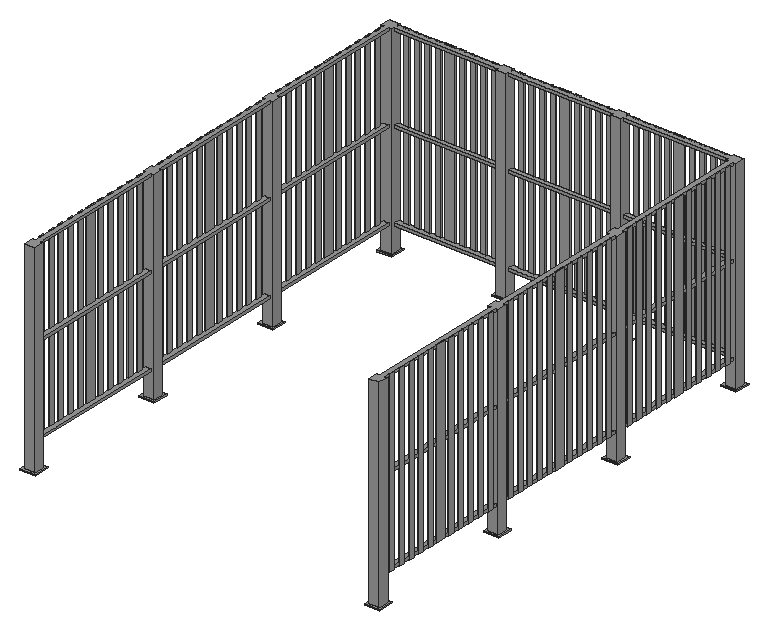
Revit family "15113 Ограждение для ТБО Хоббика", category Антураж, Revit 2018
Family settings
  На основе рабочей плоскости = Нет
  Всегда вертикально = Да
  При загрузке вырезать с полостями = Нет
  Источник визуального образа = Геометрия семейства
  Общий = Нет
  Точка расчета площади = Нет
Parameters (values of type "Ограждение для ТБО")
  Ширина = 3500 mm  # constant formula
  Цвет каркаса = Сталь
  Описание = "Ограждение для ТБО"  # constant formula
  Материал изделия = "Сталь"  # constant formula
  Изображение типоразмера = Ограждение для ТБО Арт 15113.jpg
  Изготовитель = "ООО «Хоббика»"  # constant formula
  Длина = 4500 mm  # constant formula
  Группа модели = "Контейнерные площадки для ТБО"  # constant formula
  Высота = 2000 mm  # constant formula
  Артикул товара = "Арт. 15113"  # constant formula
  URL = "https://hobbyka.ru/product/ograzhdenie_dlya_tbo"
Reference planes
  plane 1 "По центру (Вперед/Назад)": y = 0
  plane 2: z = 0
  plane 3 "По центру (Влево/Вправо)": x = 0
  plane 4: x = 3500
  plane 5: y = 4500
  plane 6: z = 2000
Forms (mm)
  Sweep 1, solid, material "Сталь" <- "Цвет каркаса"
    path origin (0, 0, 0) x (1, 0, 0) y (0, 1, 0)
      loop
        line (3500, 0) -> (3500, 4500) -> (0, 4500) -> (0, 0)
    profile origin (0, 2250, 0) x (1, 0, 0) y (0, 0, 1)
      loop
        line (25, 2000) -> (25, 1975) -> (75, 1975) -> (75, 2000) -> (25, 2000)
      loop
        line (25, 1140) -> (25, 1115) -> (75, 1115) -> (75, 1140) -> (25, 1140)
      loop
        line (25, 275) -> (25, 250) -> (75, 250) -> (75, 275) -> (25, 275)
  Extrusion 2, solid, material "Сталь" <- "Цвет каркаса"
    sketch origin (0, 0, 0) x (1, 0, 0) y (0, 1, 0)
      loop
        line (3500, 0) -> (3500, 100) -> (3400, 100) -> (3400, 0) -> (3500, 0)
      loop
        line (3500, 4400) -> (3500, 4500) -> (3400, 4500) -> (3400, 4400) -> (3500, 4400)
      loop
        line (100, 0) -> (100, 100) -> (0, 100) -> (0, 0) -> (100, 0)
      loop
        line (100, 4400) -> (100, 4500) -> (0, 4500) -> (0, 4400) -> (100, 4400)
      loop
        line (3400, 3033.333) -> (3400, 2933.333) -> (3500, 2933.333) -> (3500, 3033.333) -> (3400, 3033.333)
      loop
        line (3400, 1566.667) -> (3400, 1466.667) -> (3500, 1466.667) -> (3500, 1566.667) -> (3400, 1566.667)
      loop
        line (0, 3033.333) -> (0, 2933.333) -> (100, 2933.333) -> (100, 3033.333) -> (0, 3033.333)
      loop
        line (0, 1566.667) -> (0, 1466.667) -> (100, 1466.667) -> (100, 1566.667) -> (0, 1566.667)
      loop
        line (1133.333, 4500) -> (1133.333, 4400) -> (1233.333, 4400) -> (1233.333, 4500) -> (1133.333, 4500)
      loop
        line (2366.667, 4500) -> (2266.667, 4500) -> (2266.667, 4400) -> (2366.667, 4400) -> (2366.667, 4500)
    from 0 to 2000
  Extrusion 3, solid, material "Сталь" <- "Цвет каркаса"
    sketch origin (0, 0, 0) x (1, 0, 0) y (0, 1, 0)
      loop
        line (25, 833.333) -> (15, 833.333) -> (15, 733.333) -> (25, 733.333) -> (25, 833.333)
      loop
        line (25, 2300) -> (15, 2300) -> (15, 2200) -> (25, 2200) -> (25, 2300)
      loop
        line (25, 3766.667) -> (15, 3766.667) -> (15, 3666.667) -> (25, 3666.667) -> (25, 3766.667)
      loop
        line (3485, 833.333) -> (3475, 833.333) -> (3475, 733.333) -> (3485, 733.333) -> (3485, 833.333)
      loop
        line (3485, 2300) -> (3475, 2300) -> (3475, 2200) -> (3485, 2200) -> (3485, 2300)
      loop
        line (3485, 3766.667) -> (3475, 3766.667) -> (3475, 3666.667) -> (3485, 3666.667) -> (3485, 3766.667)
      loop
        line (666.667, 4475) -> (666.667, 4485) -> (566.667, 4485) -> (566.667, 4475) -> (666.667, 4475)
      loop
        line (1800, 4475) -> (1800, 4485) -> (1700, 4485) -> (1700, 4475) -> (1800, 4475)
      loop
        line (2933.333, 4475) -> (2933.333, 4485) -> (2833.333, 4485) -> (2833.333, 4475) -> (2933.333, 4475)
    from 250 to 2000
  Extrusion 4, solid, material "Сталь" <- "Цвет каркаса"
    sketch origin (0, 0, 0) x (1, 0, 0) y (0, 1, 0)
      loop
        line (25, 1416.667) -> (15, 1416.667) -> (15, 1366.667) -> (25, 1366.667) -> (25, 1416.667)
    from 250 to 2000
  Extrusion 5, solid, material "Сталь" <- "Цвет каркаса"
    sketch origin (0, -733.333, 0) x (1, 0, 0) y (0, 1, 0)
      loop
        line (25, 1416.667) -> (15, 1416.667) -> (15, 1366.667) -> (25, 1366.667) -> (25, 1416.667)
    from 250 to 2000
  Extrusion 6, solid, material "Сталь" <- "Цвет каркаса"
    sketch origin (0, 1466.667, 0) x (1, 0, 0) y (0, 1, 0)
      loop
        line (25, 1416.667) -> (15, 1416.667) -> (15, 1366.667) -> (25, 1366.667) -> (25, 1416.667)
    from 250 to 2000
  Extrusion 7, solid, material "Сталь" <- "Цвет каркаса"
    sketch origin (0, 733.333, 0) x (1, 0, 0) y (0, 1, 0)
      loop
        line (25, 1416.667) -> (15, 1416.667) -> (15, 1366.667) -> (25, 1366.667) -> (25, 1416.667)
    from 250 to 2000
  Extrusion 8, solid, material "Сталь" <- "Цвет каркаса"
    sketch origin (0, 2933.333, 0) x (1, 0, 0) y (0, 1, 0)
      loop
        line (25, 1416.667) -> (15, 1416.667) -> (15, 1366.667) -> (25, 1366.667) -> (25, 1416.667)
    from 250 to 2000
  Extrusion 9, solid, material "Сталь" <- "Цвет каркаса"
    sketch origin (0, 2200, 0) x (1, 0, 0) y (0, 1, 0)
      loop
        line (25, 1416.667) -> (15, 1416.667) -> (15, 1366.667) -> (25, 1366.667) -> (25, 1416.667)
    from 250 to 2000
  Extrusion 10, solid, material "Сталь" <- "Цвет каркаса"
    sketch origin (3460, 2933.333, 0) x (1, 0, 0) y (0, 1, 0)
      loop
        line (25, 1416.667) -> (15, 1416.667) -> (15, 1366.667) -> (25, 1366.667) -> (25, 1416.667)
    from 250 to 2000
  Extrusion 11, solid, material "Сталь" <- "Цвет каркаса"
    sketch origin (3460, 2200, 0) x (1, 0, 0) y (0, 1, 0)
      loop
        line (25, 1416.667) -> (15, 1416.667) -> (15, 1366.667) -> (25, 1366.667) -> (25, 1416.667)
    from 250 to 2000
  Extrusion 12, solid, material "Сталь" <- "Цвет каркаса"
    sketch origin (3460, 1466.667, 0) x (1, 0, 0) y (0, 1, 0)
      loop
        line (25, 1416.667) -> (15, 1416.667) -> (15, 1366.667) -> (25, 1366.667) -> (25, 1416.667)
    from 250 to 2000
  Extrusion 13, solid, material "Сталь" <- "Цвет каркаса"
    sketch origin (3460, 733.333, 0) x (1, 0, 0) y (0, 1, 0)
      loop
        line (25, 1416.667) -> (15, 1416.667) -> (15, 1366.667) -> (25, 1366.667) -> (25, 1416.667)
    from 250 to 2000
  Extrusion 14, solid, material "Сталь" <- "Цвет каркаса"
    sketch origin (3460, 0, 0) x (1, 0, 0) y (0, 1, 0)
      loop
        line (25, 1416.667) -> (15, 1416.667) -> (15, 1366.667) -> (25, 1366.667) -> (25, 1416.667)
    from 250 to 2000
  Extrusion 15, solid, material "Сталь" <- "Цвет каркаса"
    sketch origin (3460, -733.333, 0) x (1, 0, 0) y (0, 1, 0)
      loop
        line (25, 1416.667) -> (15, 1416.667) -> (15, 1366.667) -> (25, 1366.667) -> (25, 1416.667)
    from 250 to 2000
  Extrusion 16, solid, material "Сталь" <- "Цвет каркаса"
    sketch origin (0, -483.333, 0) x (1, 0, 0) y (0, 1, 0)
      loop
        line (25, 1416.667) -> (15, 1416.667) -> (15, 1366.667) -> (25, 1366.667) -> (25, 1416.667)
    from 250 to 2000
  Extrusion 17, solid, material "Сталь" <- "Цвет каркаса"
    sketch origin (0, -1216.667, 0) x (1, 0, 0) y (0, 1, 0)
      loop
        line (25, 1416.667) -> (15, 1416.667) -> (15, 1366.667) -> (25, 1366.667) -> (25, 1416.667)
    from 250 to 2000
  Extrusion 18, solid, material "Сталь" <- "Цвет каркаса"
    sketch origin (0, 983.333, 0) x (1, 0, 0) y (0, 1, 0)
      loop
        line (25, 1416.667) -> (15, 1416.667) -> (15, 1366.667) -> (25, 1366.667) -> (25, 1416.667)
    from 250 to 2000
  Extrusion 19, solid, material "Сталь" <- "Цвет каркаса"
    sketch origin (0, 250, 0) x (1, 0, 0) y (0, 1, 0)
      loop
        line (25, 1416.667) -> (15, 1416.667) -> (15, 1366.667) -> (25, 1366.667) -> (25, 1416.667)
    from 250 to 2000
  Extrusion 20, solid, material "Сталь" <- "Цвет каркаса"
    sketch origin (0, 2450, 0) x (1, 0, 0) y (0, 1, 0)
      loop
        line (25, 1416.667) -> (15, 1416.667) -> (15, 1366.667) -> (25, 1366.667) -> (25, 1416.667)
    from 250 to 2000
  Extrusion 21, solid, material "Сталь" <- "Цвет каркаса"
    sketch origin (0, 1716.667, 0) x (1, 0, 0) y (0, 1, 0)
      loop
        line (25, 1416.667) -> (15, 1416.667) -> (15, 1366.667) -> (25, 1366.667) -> (25, 1416.667)
    from 250 to 2000
  Extrusion 22, solid, material "Сталь" <- "Цвет каркаса"
    sketch origin (3460, 2450, 0) x (1, 0, 0) y (0, 1, 0)
      loop
        line (25, 1416.667) -> (15, 1416.667) -> (15, 1366.667) -> (25, 1366.667) -> (25, 1416.667)
    from 250 to 2000
  Extrusion 23, solid, material "Сталь" <- "Цвет каркаса"
    sketch origin (3460, 1716.667, 0) x (1, 0, 0) y (0, 1, 0)
      loop
        line (25, 1416.667) -> (15, 1416.667) -> (15, 1366.667) -> (25, 1366.667) -> (25, 1416.667)
    from 250 to 2000
  Extrusion 24, solid, material "Сталь" <- "Цвет каркаса"
    sketch origin (3460, 983.333, 0) x (1, 0, 0) y (0, 1, 0)
      loop
        line (25, 1416.667) -> (15, 1416.667) -> (15, 1366.667) -> (25, 1366.667) -> (25, 1416.667)
    from 250 to 2000
  Extrusion 25, solid, material "Сталь" <- "Цвет каркаса"
    sketch origin (3460, 250, 0) x (1, 0, 0) y (0, 1, 0)
      loop
        line (25, 1416.667) -> (15, 1416.667) -> (15, 1366.667) -> (25, 1366.667) -> (25, 1416.667)
    from 250 to 2000
  Extrusion 26, solid, material "Сталь" <- "Цвет каркаса"
    sketch origin (3460, -483.333, 0) x (1, 0, 0) y (0, 1, 0)
      loop
        line (25, 1416.667) -> (15, 1416.667) -> (15, 1366.667) -> (25, 1366.667) -> (25, 1416.667)
    from 250 to 2000
  Extrusion 27, solid, material "Сталь" <- "Цвет каркаса"
    sketch origin (3460, -1216.667, 0) x (1, 0, 0) y (0, 1, 0)
      loop
        line (25, 1416.667) -> (15, 1416.667) -> (15, 1366.667) -> (25, 1366.667) -> (25, 1416.667)
    from 250 to 2000
  Extrusion 28, solid, material "Сталь" <- "Цвет каркаса"
    sketch origin (0, -120.833, 0) x (1, 0, 0) y (0, 1, 0)
      loop
        line (25, 1416.667) -> (15, 1416.667) -> (15, 1366.667) -> (25, 1366.667) -> (25, 1416.667)
    from 250 to 2000
  Extrusion 29, solid, material "Сталь" <- "Цвет каркаса"
    sketch origin (0, -854.167, 0) x (1, 0, 0) y (0, 1, 0)
      loop
        line (25, 1416.667) -> (15, 1416.667) -> (15, 1366.667) -> (25, 1366.667) -> (25, 1416.667)
    from 250 to 2000
  Extrusion 30, solid, material "Сталь" <- "Цвет каркаса"
    sketch origin (0, 1345.833, 0) x (1, 0, 0) y (0, 1, 0)
      loop
        line (25, 1416.667) -> (15, 1416.667) -> (15, 1366.667) -> (25, 1366.667) -> (25, 1416.667)
    from 250 to 2000
  Extrusion 31, solid, material "Сталь" <- "Цвет каркаса"
    sketch origin (0, 612.5, 0) x (1, 0, 0) y (0, 1, 0)
      loop
        line (25, 1416.667) -> (15, 1416.667) -> (15, 1366.667) -> (25, 1366.667) -> (25, 1416.667)
    from 250 to 2000
  Extrusion 32, solid, material "Сталь" <- "Цвет каркаса"
    sketch origin (0, 2812.5, 0) x (1, 0, 0) y (0, 1, 0)
      loop
        line (25, 1416.667) -> (15, 1416.667) -> (15, 1366.667) -> (25, 1366.667) -> (25, 1416.667)
    from 250 to 2000
  Extrusion 33, solid, material "Сталь" <- "Цвет каркаса"
    sketch origin (0, 2079.167, 0) x (1, 0, 0) y (0, 1, 0)
      loop
        line (25, 1416.667) -> (15, 1416.667) -> (15, 1366.667) -> (25, 1366.667) -> (25, 1416.667)
    from 250 to 2000
  Extrusion 34, solid, material "Сталь" <- "Цвет каркаса"
    sketch origin (3460, 2812.5, 0) x (1, 0, 0) y (0, 1, 0)
      loop
        line (25, 1416.667) -> (15, 1416.667) -> (15, 1366.667) -> (25, 1366.667) -> (25, 1416.667)
    from 250 to 2000
  Extrusion 35, solid, material "Сталь" <- "Цвет каркаса"
    sketch origin (3460, 2079.167, 0) x (1, 0, 0) y (0, 1, 0)
      loop
        line (25, 1416.667) -> (15, 1416.667) -> (15, 1366.667) -> (25, 1366.667) -> (25, 1416.667)
    from 250 to 2000
  Extrusion 36, solid, material "Сталь" <- "Цвет каркаса"
    sketch origin (3460, 1345.833, 0) x (1, 0, 0) y (0, 1, 0)
      loop
        line (25, 1416.667) -> (15, 1416.667) -> (15, 1366.667) -> (25, 1366.667) -> (25, 1416.667)
    from 250 to 2000
  Extrusion 37, solid, material "Сталь" <- "Цвет каркаса"
    sketch origin (3460, 612.5, 0) x (1, 0, 0) y (0, 1, 0)
      loop
        line (25, 1416.667) -> (15, 1416.667) -> (15, 1366.667) -> (25, 1366.667) -> (25, 1416.667)
    from 250 to 2000
  Extrusion 38, solid, material "Сталь" <- "Цвет каркаса"
    sketch origin (3460, -120.833, 0) x (1, 0, 0) y (0, 1, 0)
      loop
        line (25, 1416.667) -> (15, 1416.667) -> (15, 1366.667) -> (25, 1366.667) -> (25, 1416.667)
    from 250 to 2000
  Extrusion 39, solid, material "Сталь" <- "Цвет каркаса"
    sketch origin (3460, -854.167, 0) x (1, 0, 0) y (0, 1, 0)
      loop
        line (25, 1416.667) -> (15, 1416.667) -> (15, 1366.667) -> (25, 1366.667) -> (25, 1416.667)
    from 250 to 2000
  Extrusion 40, solid, material "Сталь" <- "Цвет каркаса"
    sketch origin (0, -241.667, 0) x (1, 0, 0) y (0, 1, 0)
      loop
        line (25, 1416.667) -> (15, 1416.667) -> (15, 1366.667) -> (25, 1366.667) -> (25, 1416.667)
    from 250 to 2000
  Extrusion 41, solid, material "Сталь" <- "Цвет каркаса"
    sketch origin (0, -975, 0) x (1, 0, 0) y (0, 1, 0)
      loop
        line (25, 1416.667) -> (15, 1416.667) -> (15, 1366.667) -> (25, 1366.667) -> (25, 1416.667)
    from 250 to 2000
  Extrusion 42, solid, material "Сталь" <- "Цвет каркаса"
    sketch origin (0, 1225, 0) x (1, 0, 0) y (0, 1, 0)
      loop
        line (25, 1416.667) -> (15, 1416.667) -> (15, 1366.667) -> (25, 1366.667) -> (25, 1416.667)
    from 250 to 2000
  Extrusion 43, solid, material "Сталь" <- "Цвет каркаса"
    sketch origin (0, 491.667, 0) x (1, 0, 0) y (0, 1, 0)
      loop
        line (25, 1416.667) -> (15, 1416.667) -> (15, 1366.667) -> (25, 1366.667) -> (25, 1416.667)
    from 250 to 2000
  Extrusion 44, solid, material "Сталь" <- "Цвет каркаса"
    sketch origin (0, 2691.667, 0) x (1, 0, 0) y (0, 1, 0)
      loop
        line (25, 1416.667) -> (15, 1416.667) -> (15, 1366.667) -> (25, 1366.667) -> (25, 1416.667)
    from 250 to 2000
  Extrusion 45, solid, material "Сталь" <- "Цвет каркаса"
    sketch origin (0, 1958.333, 0) x (1, 0, 0) y (0, 1, 0)
      loop
        line (25, 1416.667) -> (15, 1416.667) -> (15, 1366.667) -> (25, 1366.667) -> (25, 1416.667)
    from 250 to 2000
  Extrusion 46, solid, material "Сталь" <- "Цвет каркаса"
    sketch origin (3460, 2691.667, 0) x (1, 0, 0) y (0, 1, 0)
      loop
        line (25, 1416.667) -> (15, 1416.667) -> (15, 1366.667) -> (25, 1366.667) -> (25, 1416.667)
    from 250 to 2000
  Extrusion 47, solid, material "Сталь" <- "Цвет каркаса"
    sketch origin (3460, 1958.333, 0) x (1, 0, 0) y (0, 1, 0)
      loop
        line (25, 1416.667) -> (15, 1416.667) -> (15, 1366.667) -> (25, 1366.667) -> (25, 1416.667)
    from 250 to 2000
  Extrusion 48, solid, material "Сталь" <- "Цвет каркаса"
    sketch origin (3460, 1225, 0) x (1, 0, 0) y (0, 1, 0)
      loop
        line (25, 1416.667) -> (15, 1416.667) -> (15, 1366.667) -> (25, 1366.667) -> (25, 1416.667)
    from 250 to 2000
  Extrusion 49, solid, material "Сталь" <- "Цвет каркаса"
    sketch origin (3460, 491.667, 0) x (1, 0, 0) y (0, 1, 0)
      loop
        line (25, 1416.667) -> (15, 1416.667) -> (15, 1366.667) -> (25, 1366.667) -> (25, 1416.667)
    from 250 to 2000
  Extrusion 50, solid, material "Сталь" <- "Цвет каркаса"
    sketch origin (3460, -241.667, 0) x (1, 0, 0) y (0, 1, 0)
      loop
        line (25, 1416.667) -> (15, 1416.667) -> (15, 1366.667) -> (25, 1366.667) -> (25, 1416.667)
    from 250 to 2000
  Extrusion 51, solid, material "Сталь" <- "Цвет каркаса"
    sketch origin (3460, -975, 0) x (1, 0, 0) y (0, 1, 0)
      loop
        line (25, 1416.667) -> (15, 1416.667) -> (15, 1366.667) -> (25, 1366.667) -> (25, 1416.667)
    from 250 to 2000
  Extrusion 52, solid, material "Сталь" <- "Цвет каркаса"
    sketch origin (0, -362.5, 0) x (1, 0, 0) y (0, 1, 0)
      loop
        line (25, 1416.667) -> (15, 1416.667) -> (15, 1366.667) -> (25, 1366.667) -> (25, 1416.667)
    from 250 to 2000
  Extrusion 53, solid, material "Сталь" <- "Цвет каркаса"
    sketch origin (0, -1095.833, 0) x (1, 0, 0) y (0, 1, 0)
      loop
        line (25, 1416.667) -> (15, 1416.667) -> (15, 1366.667) -> (25, 1366.667) -> (25, 1416.667)
    from 250 to 2000
  Extrusion 54, solid, material "Сталь" <- "Цвет каркаса"
    sketch origin (0, 1104.167, 0) x (1, 0, 0) y (0, 1, 0)
      loop
        line (25, 1416.667) -> (15, 1416.667) -> (15, 1366.667) -> (25, 1366.667) -> (25, 1416.667)
    from 250 to 2000
  Extrusion 55, solid, material "Сталь" <- "Цвет каркаса"
    sketch origin (0, 370.833, 0) x (1, 0, 0) y (0, 1, 0)
      loop
        line (25, 1416.667) -> (15, 1416.667) -> (15, 1366.667) -> (25, 1366.667) -> (25, 1416.667)
    from 250 to 2000
  Extrusion 56, solid, material "Сталь" <- "Цвет каркаса"
    sketch origin (0, 2570.833, 0) x (1, 0, 0) y (0, 1, 0)
      loop
        line (25, 1416.667) -> (15, 1416.667) -> (15, 1366.667) -> (25, 1366.667) -> (25, 1416.667)
    from 250 to 2000
  Extrusion 57, solid, material "Сталь" <- "Цвет каркаса"
    sketch origin (0, 1837.5, 0) x (1, 0, 0) y (0, 1, 0)
      loop
        line (25, 1416.667) -> (15, 1416.667) -> (15, 1366.667) -> (25, 1366.667) -> (25, 1416.667)
    from 250 to 2000
  Extrusion 58, solid, material "Сталь" <- "Цвет каркаса"
    sketch origin (3460, 2570.833, 0) x (1, 0, 0) y (0, 1, 0)
      loop
        line (25, 1416.667) -> (15, 1416.667) -> (15, 1366.667) -> (25, 1366.667) -> (25, 1416.667)
    from 250 to 2000
  Extrusion 59, solid, material "Сталь" <- "Цвет каркаса"
    sketch origin (3460, 1837.5, 0) x (1, 0, 0) y (0, 1, 0)
      loop
        line (25, 1416.667) -> (15, 1416.667) -> (15, 1366.667) -> (25, 1366.667) -> (25, 1416.667)
    from 250 to 2000
  Extrusion 60, solid, material "Сталь" <- "Цвет каркаса"
    sketch origin (3460, 1104.167, 0) x (1, 0, 0) y (0, 1, 0)
      loop
        line (25, 1416.667) -> (15, 1416.667) -> (15, 1366.667) -> (25, 1366.667) -> (25, 1416.667)
    from 250 to 2000
  Extrusion 61, solid, material "Сталь" <- "Цвет каркаса"
    sketch origin (3460, 370.833, 0) x (1, 0, 0) y (0, 1, 0)
      loop
        line (25, 1416.667) -> (15, 1416.667) -> (15, 1366.667) -> (25, 1366.667) -> (25, 1416.667)
    from 250 to 2000
  Extrusion 62, solid, material "Сталь" <- "Цвет каркаса"
    sketch origin (3460, -362.5, 0) x (1, 0, 0) y (0, 1, 0)
      loop
        line (25, 1416.667) -> (15, 1416.667) -> (15, 1366.667) -> (25, 1366.667) -> (25, 1416.667)
    from 250 to 2000
  Extrusion 63, solid, material "Сталь" <- "Цвет каркаса"
    sketch origin (3460, -1095.833, 0) x (1, 0, 0) y (0, 1, 0)
      loop
        line (25, 1416.667) -> (15, 1416.667) -> (15, 1366.667) -> (25, 1366.667) -> (25, 1416.667)
    from 250 to 2000
  Extrusion 64, solid, material "Сталь" <- "Цвет каркаса"
    sketch origin (0, 0, 0) x (1, 0, 0) y (0, 1, 0)
      loop
        line (163.285, 4485) -> (163.285, 4475) -> (213.285, 4475) -> (213.285, 4485) -> (163.285, 4485)
    from 250 to 2000
  Extrusion 65, solid, material "Сталь" <- "Цвет каркаса"
    sketch origin (553.382, 0, 0) x (1, 0, 0) y (0, 1, 0)
      loop
        line (163.285, 4485) -> (163.285, 4475) -> (213.285, 4475) -> (213.285, 4485) -> (163.285, 4485)
    from 250 to 2000
  Extrusion 66, solid, material "Сталь" <- "Цвет каркаса"
    sketch origin (1133.333, 0, 0) x (1, 0, 0) y (0, 1, 0)
      loop
        line (163.285, 4485) -> (163.285, 4475) -> (213.285, 4475) -> (213.285, 4485) -> (163.285, 4485)
    from 250 to 2000
  Extrusion 67, solid, material "Сталь" <- "Цвет каркаса"
    sketch origin (1686.715, 0, 0) x (1, 0, 0) y (0, 1, 0)
      loop
        line (163.285, 4485) -> (163.285, 4475) -> (213.285, 4475) -> (213.285, 4485) -> (163.285, 4485)
    from 250 to 2000
  Extrusion 68, solid, material "Сталь" <- "Цвет каркаса"
    sketch origin (2266.667, 0, 0) x (1, 0, 0) y (0, 1, 0)
      loop
        line (163.285, 4485) -> (163.285, 4475) -> (213.285, 4475) -> (213.285, 4485) -> (163.285, 4485)
    from 250 to 2000
  Extrusion 69, solid, material "Сталь" <- "Цвет каркаса"
    sketch origin (2820.049, 0, 0) x (1, 0, 0) y (0, 1, 0)
      loop
        line (163.285, 4485) -> (163.285, 4475) -> (213.285, 4475) -> (213.285, 4485) -> (163.285, 4485)
    from 250 to 2000
  Extrusion 70, solid, material "Сталь" <- "Цвет каркаса"
    sketch origin (313.382, 0, 0) x (1, 0, 0) y (0, 1, 0)
      loop
        line (163.285, 4485) -> (163.285, 4475) -> (213.285, 4475) -> (213.285, 4485) -> (163.285, 4485)
    from 250 to 2000
  Extrusion 71, solid, material "Сталь" <- "Цвет каркаса"
    sketch origin (866.764, 0, 0) x (1, 0, 0) y (0, 1, 0)
      loop
        line (163.285, 4485) -> (163.285, 4475) -> (213.285, 4475) -> (213.285, 4485) -> (163.285, 4485)
    from 250 to 2000
  Extrusion 72, solid, material "Сталь" <- "Цвет каркаса"
    sketch origin (1446.715, 0, 0) x (1, 0, 0) y (0, 1, 0)
      loop
        line (163.285, 4485) -> (163.285, 4475) -> (213.285, 4475) -> (213.285, 4485) -> (163.285, 4485)
    from 250 to 2000
  Extrusion 73, solid, material "Сталь" <- "Цвет каркаса"
    sketch origin (2000.097, 0, 0) x (1, 0, 0) y (0, 1, 0)
      loop
        line (163.285, 4485) -> (163.285, 4475) -> (213.285, 4475) -> (213.285, 4485) -> (163.285, 4485)
    from 250 to 2000
  Extrusion 74, solid, material "Сталь" <- "Цвет каркаса"
    sketch origin (2580.049, 0, 0) x (1, 0, 0) y (0, 1, 0)
      loop
        line (163.285, 4485) -> (163.285, 4475) -> (213.285, 4475) -> (213.285, 4485) -> (163.285, 4485)
    from 250 to 2000
  Extrusion 75, solid, material "Сталь" <- "Цвет каркаса"
    sketch origin (3133.431, 0, 0) x (1, 0, 0) y (0, 1, 0)
      loop
        line (163.285, 4485) -> (163.285, 4475) -> (213.285, 4475) -> (213.285, 4485) -> (163.285, 4485)
    from 250 to 2000
  Extrusion 76, solid, material "Сталь" <- "Цвет каркаса"
    sketch origin (104.461, 0, 0) x (1, 0, 0) y (0, 1, 0)
      loop
        line (163.285, 4485) -> (163.285, 4475) -> (213.285, 4475) -> (213.285, 4485) -> (163.285, 4485)
    from 250 to 2000
  Extrusion 77, solid, material "Сталь" <- "Цвет каркаса"
    sketch origin (657.843, 0, 0) x (1, 0, 0) y (0, 1, 0)
      loop
        line (163.285, 4485) -> (163.285, 4475) -> (213.285, 4475) -> (213.285, 4485) -> (163.285, 4485)
    from 250 to 2000
  Extrusion 78, solid, material "Сталь" <- "Цвет каркаса"
    sketch origin (1237.794, 0, 0) x (1, 0, 0) y (0, 1, 0)
      loop
        line (163.285, 4485) -> (163.285, 4475) -> (213.285, 4475) -> (213.285, 4485) -> (163.285, 4485)
    from 250 to 2000
  Extrusion 79, solid, material "Сталь" <- "Цвет каркаса"
    sketch origin (1791.176, 0, 0) x (1, 0, 0) y (0, 1, 0)
      loop
        line (163.285, 4485) -> (163.285, 4475) -> (213.285, 4475) -> (213.285, 4485) -> (163.285, 4485)
    from 250 to 2000
  Extrusion 80, solid, material "Сталь" <- "Цвет каркаса"
    sketch origin (2371.127, 0, 0) x (1, 0, 0) y (0, 1, 0)
      loop
        line (163.285, 4485) -> (163.285, 4475) -> (213.285, 4475) -> (213.285, 4485) -> (163.285, 4485)
    from 250 to 2000
  Extrusion 81, solid, material "Сталь" <- "Цвет каркаса"
    sketch origin (2924.509, 0, 0) x (1, 0, 0) y (0, 1, 0)
      loop
        line (163.285, 4485) -> (163.285, 4475) -> (213.285, 4475) -> (213.285, 4485) -> (163.285, 4485)
    from 250 to 2000
  Extrusion 82, solid, material "Сталь" <- "Цвет каркаса"
    sketch origin (208.921, 0, 0) x (1, 0, 0) y (0, 1, 0)
      loop
        line (163.285, 4485) -> (163.285, 4475) -> (213.285, 4475) -> (213.285, 4485) -> (163.285, 4485)
    from 250 to 2000
  Extrusion 83, solid, material "Сталь" <- "Цвет каркаса"
    sketch origin (762.303, 0, 0) x (1, 0, 0) y (0, 1, 0)
      loop
        line (163.285, 4485) -> (163.285, 4475) -> (213.285, 4475) -> (213.285, 4485) -> (163.285, 4485)
    from 250 to 2000
  Extrusion 84, solid, material "Сталь" <- "Цвет каркаса"
    sketch origin (1342.255, 0, 0) x (1, 0, 0) y (0, 1, 0)
      loop
        line (163.285, 4485) -> (163.285, 4475) -> (213.285, 4475) -> (213.285, 4485) -> (163.285, 4485)
    from 250 to 2000
  Extrusion 85, solid, material "Сталь" <- "Цвет каркаса"
    sketch origin (1895.637, 0, 0) x (1, 0, 0) y (0, 1, 0)
      loop
        line (163.285, 4485) -> (163.285, 4475) -> (213.285, 4475) -> (213.285, 4485) -> (163.285, 4485)
    from 250 to 2000
  Extrusion 86, solid, material "Сталь" <- "Цвет каркаса"
    sketch origin (2475.588, 0, 0) x (1, 0, 0) y (0, 1, 0)
      loop
        line (163.285, 4485) -> (163.285, 4475) -> (213.285, 4475) -> (213.285, 4485) -> (163.285, 4485)
    from 250 to 2000
  Extrusion 87, solid, material "Сталь" <- "Цвет каркаса"
    sketch origin (3028.97, 0, 0) x (1, 0, 0) y (0, 1, 0)
      loop
        line (163.285, 4485) -> (163.285, 4475) -> (213.285, 4475) -> (213.285, 4485) -> (163.285, 4485)
    from 250 to 2000
  Extrusion 88, solid, material "Сталь" <- "Цвет каркаса"
    sketch origin (0, 0, 0) x (1, 0, 0) y (0, 1, 0)
      loop
        line (-25, 4525) -> (-25, 4375) -> (125, 4375) -> (125, 4525) -> (-25, 4525)
      loop
        line (1108.333, 4525) -> (1108.333, 4375) -> (1258.333, 4375) -> (1258.333, 4525) -> (1108.333, 4525)
      loop
        line (2241.667, 4525) -> (2241.667, 4375) -> (2391.667, 4375) -> (2391.667, 4525) -> (2241.667, 4525)
      loop
        line (3375, 4525) -> (3375, 4375) -> (3525, 4375) -> (3525, 4525) -> (3375, 4525)
      loop
        line (-25, 3058.333) -> (-25, 2908.333) -> (125, 2908.333) -> (125, 3058.333) -> (-25, 3058.333)
      loop
        line (3375, 3058.333) -> (3375, 2908.333) -> (3525, 2908.333) -> (3525, 3058.333) -> (3375, 3058.333)
      loop
        line (-25, 1591.667) -> (-25, 1441.667) -> (125, 1441.667) -> (125, 1591.667) -> (-25, 1591.667)
      loop
        line (3375, 1591.667) -> (3375, 1441.667) -> (3525, 1441.667) -> (3525, 1591.667) -> (3375, 1591.667)
      loop
        line (-25, 125) -> (-25, -25) -> (125, -25) -> (125, 125) -> (-25, 125)
      loop
        line (3375, 125) -> (3375, -25) -> (3525, -25) -> (3525, 125) -> (3375, 125)
    from 0 to 10
Cuts and joins
  joined: Sweep 1, Extrusion 2
Lines and regions (mm)
  symbolic lines
    curve 1: line (163.285, 4540.827, 0) -> (163.285, 4340.827, 0)
    curve 2: line (526.667, 4540.827, 0) -> (526.667, 4340.827, 0)
    curve 3: line (716.667, 4540.827, 0) -> (716.667, 4340.827, 0)
Dimensions and locks
  "Длина": plane 5 to plane 1 "По центру (Вперед/Назад)"
  "Ширина": plane 3 "По центру (Влево/Вправо)" to plane 4
  "Высота": plane 6 to plane 2
  equal spacing: group 1, group 3, group 4, group 5, group 2  (x2)
  equal spacing: group 2, group 5, group 4, group 3, group 1
  equal spacing: group 6, group 8, group 9, group 7  (x3)
  aligned and locked: level to plane 2
Automatic sketch dimensions
  Extrusion 4 sketch curve to Extrusion 4 sketch curve = 10 mm
  Extrusion 4 sketch curve to Extrusion 4 sketch curve = 50 mm
  Extrusion 5 sketch curve to Extrusion 5 sketch curve = 10 mm
  Extrusion 5 sketch curve to Extrusion 5 sketch curve = 50 mm
  Extrusion 6 sketch curve to Extrusion 6 sketch curve = 10 mm
  Extrusion 6 sketch curve to Extrusion 6 sketch curve = 50 mm
  Extrusion 7 sketch curve to Extrusion 7 sketch curve = 10 mm
  Extrusion 7 sketch curve to Extrusion 7 sketch curve = 50 mm
  Extrusion 8 sketch curve to Extrusion 8 sketch curve = 10 mm
  Extrusion 8 sketch curve to Extrusion 8 sketch curve = 50 mm
  Extrusion 9 sketch curve to Extrusion 9 sketch curve = 10 mm
  Extrusion 9 sketch curve to Extrusion 9 sketch curve = 50 mm
  Extrusion 10 sketch curve to Extrusion 10 sketch curve = 10 mm
  Extrusion 10 sketch curve to Extrusion 10 sketch curve = 50 mm
  Extrusion 11 sketch curve to Extrusion 11 sketch curve = 10 mm
  Extrusion 11 sketch curve to Extrusion 11 sketch curve = 50 mm
  Extrusion 12 sketch curve to Extrusion 12 sketch curve = 10 mm
  Extrusion 12 sketch curve to Extrusion 12 sketch curve = 50 mm
  Extrusion 13 sketch curve to Extrusion 13 sketch curve = 10 mm
  Extrusion 13 sketch curve to Extrusion 13 sketch curve = 50 mm
  Extrusion 14 sketch curve to Extrusion 14 sketch curve = 10 mm
  Extrusion 14 sketch curve to Extrusion 14 sketch curve = 50 mm
  Extrusion 15 sketch curve to Extrusion 15 sketch curve = 10 mm
  Extrusion 15 sketch curve to Extrusion 15 sketch curve = 50 mm
  Extrusion 16 sketch curve to Extrusion 16 sketch curve = 10 mm
  Extrusion 16 sketch curve to Extrusion 16 sketch curve = 50 mm
  Extrusion 17 sketch curve to Extrusion 17 sketch curve = 10 mm
  Extrusion 17 sketch curve to Extrusion 17 sketch curve = 50 mm
  Extrusion 18 sketch curve to Extrusion 18 sketch curve = 10 mm
  Extrusion 18 sketch curve to Extrusion 18 sketch curve = 50 mm
  Extrusion 19 sketch curve to Extrusion 19 sketch curve = 10 mm
  Extrusion 19 sketch curve to Extrusion 19 sketch curve = 50 mm
  Extrusion 20 sketch curve to Extrusion 20 sketch curve = 10 mm
  Extrusion 20 sketch curve to Extrusion 20 sketch curve = 50 mm
  Extrusion 21 sketch curve to Extrusion 21 sketch curve = 10 mm
  Extrusion 21 sketch curve to Extrusion 21 sketch curve = 50 mm
  Extrusion 22 sketch curve to Extrusion 22 sketch curve = 10 mm
  Extrusion 22 sketch curve to Extrusion 22 sketch curve = 50 mm
  Extrusion 23 sketch curve to Extrusion 23 sketch curve = 10 mm
  Extrusion 23 sketch curve to Extrusion 23 sketch curve = 50 mm
  Extrusion 24 sketch curve to Extrusion 24 sketch curve = 10 mm
  Extrusion 24 sketch curve to Extrusion 24 sketch curve = 50 mm
  Extrusion 25 sketch curve to Extrusion 25 sketch curve = 10 mm
  Extrusion 25 sketch curve to Extrusion 25 sketch curve = 50 mm
  Extrusion 26 sketch curve to Extrusion 26 sketch curve = 10 mm
  Extrusion 26 sketch curve to Extrusion 26 sketch curve = 50 mm
  Extrusion 27 sketch curve to Extrusion 27 sketch curve = 10 mm
  Extrusion 27 sketch curve to Extrusion 27 sketch curve = 50 mm
  Extrusion 28 sketch curve to Extrusion 28 sketch curve = 10 mm
  Extrusion 28 sketch curve to Extrusion 28 sketch curve = 50 mm
  Extrusion 29 sketch curve to Extrusion 29 sketch curve = 10 mm
  Extrusion 29 sketch curve to Extrusion 29 sketch curve = 50 mm
  Extrusion 30 sketch curve to Extrusion 30 sketch curve = 10 mm
  Extrusion 30 sketch curve to Extrusion 30 sketch curve = 50 mm
  Extrusion 31 sketch curve to Extrusion 31 sketch curve = 10 mm
  Extrusion 31 sketch curve to Extrusion 31 sketch curve = 50 mm
  Extrusion 32 sketch curve to Extrusion 32 sketch curve = 10 mm
  Extrusion 32 sketch curve to Extrusion 32 sketch curve = 50 mm
  Extrusion 33 sketch curve to Extrusion 33 sketch curve = 10 mm
  Extrusion 33 sketch curve to Extrusion 33 sketch curve = 50 mm
  Extrusion 34 sketch curve to Extrusion 34 sketch curve = 10 mm
  Extrusion 34 sketch curve to Extrusion 34 sketch curve = 50 mm
  Extrusion 35 sketch curve to Extrusion 35 sketch curve = 10 mm
  Extrusion 35 sketch curve to Extrusion 35 sketch curve = 50 mm
  Extrusion 36 sketch curve to Extrusion 36 sketch curve = 10 mm
  Extrusion 36 sketch curve to Extrusion 36 sketch curve = 50 mm
  Extrusion 37 sketch curve to Extrusion 37 sketch curve = 10 mm
  Extrusion 37 sketch curve to Extrusion 37 sketch curve = 50 mm
  Extrusion 38 sketch curve to Extrusion 38 sketch curve = 10 mm
  Extrusion 38 sketch curve to Extrusion 38 sketch curve = 50 mm
  Extrusion 39 sketch curve to Extrusion 39 sketch curve = 10 mm
  Extrusion 39 sketch curve to Extrusion 39 sketch curve = 50 mm
  Extrusion 40 sketch curve to Extrusion 40 sketch curve = 10 mm
  Extrusion 40 sketch curve to Extrusion 40 sketch curve = 50 mm
  Extrusion 41 sketch curve to Extrusion 41 sketch curve = 10 mm
  Extrusion 41 sketch curve to Extrusion 41 sketch curve = 50 mm
  Extrusion 42 sketch curve to Extrusion 42 sketch curve = 10 mm
  Extrusion 42 sketch curve to Extrusion 42 sketch curve = 50 mm
  Extrusion 43 sketch curve to Extrusion 43 sketch curve = 10 mm
  Extrusion 43 sketch curve to Extrusion 43 sketch curve = 50 mm
  Extrusion 44 sketch curve to Extrusion 44 sketch curve = 10 mm
  Extrusion 44 sketch curve to Extrusion 44 sketch curve = 50 mm
  Extrusion 45 sketch curve to Extrusion 45 sketch curve = 10 mm
  Extrusion 45 sketch curve to Extrusion 45 sketch curve = 50 mm
  Extrusion 46 sketch curve to Extrusion 46 sketch curve = 10 mm
  Extrusion 46 sketch curve to Extrusion 46 sketch curve = 50 mm
  Extrusion 47 sketch curve to Extrusion 47 sketch curve = 10 mm
  Extrusion 47 sketch curve to Extrusion 47 sketch curve = 50 mm
  Extrusion 48 sketch curve to Extrusion 48 sketch curve = 10 mm
  Extrusion 48 sketch curve to Extrusion 48 sketch curve = 50 mm
  Extrusion 49 sketch curve to Extrusion 49 sketch curve = 10 mm
  Extrusion 49 sketch curve to Extrusion 49 sketch curve = 50 mm
  Extrusion 50 sketch curve to Extrusion 50 sketch curve = 10 mm
  Extrusion 50 sketch curve to Extrusion 50 sketch curve = 50 mm
  Extrusion 51 sketch curve to Extrusion 51 sketch curve = 10 mm
  Extrusion 51 sketch curve to Extrusion 51 sketch curve = 50 mm
  Extrusion 52 sketch curve to Extrusion 52 sketch curve = 10 mm
  Extrusion 52 sketch curve to Extrusion 52 sketch curve = 50 mm
  Extrusion 53 sketch curve to Extrusion 53 sketch curve = 10 mm
  Extrusion 53 sketch curve to Extrusion 53 sketch curve = 50 mm
  Extrusion 54 sketch curve to Extrusion 54 sketch curve = 10 mm
  Extrusion 54 sketch curve to Extrusion 54 sketch curve = 50 mm
  Extrusion 55 sketch curve to Extrusion 55 sketch curve = 10 mm
  Extrusion 55 sketch curve to Extrusion 55 sketch curve = 50 mm
  Extrusion 56 sketch curve to Extrusion 56 sketch curve = 10 mm
  Extrusion 56 sketch curve to Extrusion 56 sketch curve = 50 mm
  Extrusion 57 sketch curve to Extrusion 57 sketch curve = 10 mm
  Extrusion 57 sketch curve to Extrusion 57 sketch curve = 50 mm
  Extrusion 58 sketch curve to Extrusion 58 sketch curve = 10 mm
  Extrusion 58 sketch curve to Extrusion 58 sketch curve = 50 mm
  Extrusion 59 sketch curve to Extrusion 59 sketch curve = 10 mm
  Extrusion 59 sketch curve to Extrusion 59 sketch curve = 50 mm
  Extrusion 60 sketch curve to Extrusion 60 sketch curve = 10 mm
  Extrusion 60 sketch curve to Extrusion 60 sketch curve = 50 mm
  Extrusion 61 sketch curve to Extrusion 61 sketch curve = 10 mm
  Extrusion 61 sketch curve to Extrusion 61 sketch curve = 50 mm
  Extrusion 62 sketch curve to Extrusion 62 sketch curve = 10 mm
  Extrusion 62 sketch curve to Extrusion 62 sketch curve = 50 mm
  Extrusion 63 sketch curve to Extrusion 63 sketch curve = 10 mm
  Extrusion 63 sketch curve to Extrusion 63 sketch curve = 50 mm
  plane 3 "По центру (Влево/Вправо)" to curve 1 = 163.285 mm
  curve 1 to plane 5 = 159.173 mm
  curve 2 to plane 5 = 159.173 mm
  curve 1 to curve 2 = 363.382 mm
  curve 2 to curve 3 = 190 mm
  curve 3 to plane 5 = 159.173 mm
  plane 5 to curve 3 = 40.827 mm
  plane 5 to curve 2 = 40.827 mm
  plane 5 to curve 1 = 40.827 mm
  plane 1 "По центру (Вперед/Назад)" to Sweep 1 sketch curve = 0 mm  (x2)
  Sweep 1 sketch curve to plane 3 "По центру (Влево/Вправо)" = 0 mm
  Sweep 1 sketch curve to plane 4 = 0 mm
  Sweep 1 sketch curve to plane 5 = 0 mm
  Sweep 1 sketch curve to profile plane = 25 mm  (x3)
  Sweep 1 sketch curve to Sweep 1 sketch curve = 50 mm  (x3)
  level to Sweep 1 sketch curve = 250 mm
  Sweep 1 sketch curve to Sweep 1 sketch curve = 25 mm  (x3)
  Sweep 1 sketch curve to Sweep 1 sketch curve = 840 mm
  Sweep 1 sketch curve to Sweep 1 sketch curve = 835 mm
  Extrusion 2 sketch curve to plane 3 "По центру (Влево/Вправо)" = 0 mm  (x4)
  plane 1 "По центру (Вперед/Назад)" to Extrusion 2 sketch curve = 0 mm  (x2)
  Extrusion 2 sketch curve to plane 5 = 0 mm  (x4)
  Extrusion 2 sketch curve to plane 4 = 0 mm  (x4)
  plane 3 "По центру (Влево/Вправо)" to Extrusion 2 sketch curve = 100 mm  (x4)
  Extrusion 2 sketch curve to Extrusion 2 sketch curve = 1033.333 mm  (x2)
  Extrusion 2 sketch curve to Extrusion 2 sketch curve = 100 mm  (x9)
  Extrusion 2 sketch curve to plane 5 = 100 mm  (x3)
  Extrusion 2 sketch curve to plane 4 = 100 mm  (x2)
  Extrusion 2 sketch curve to plane 1 "По центру (Вперед/Назад)" = 100 mm  (x2)
  Extrusion 2 sketch curve to Extrusion 2 sketch curve = 1366.667 mm  (x4)
  plane 3 "По центру (Влево/Вправо)" to Extrusion 3 sketch curve = 15 mm  (x3)
  Extrusion 3 sketch curve to Extrusion 3 sketch curve = 10 mm  (x7)
  Extrusion 3 sketch curve to plane 5 = 15 mm  (x3)
  plane 3 "По центру (Влево/Вправо)" to Extrusion 3 sketch curve = 566.667 mm
  Extrusion 3 sketch curve to Extrusion 3 sketch curve = 100 mm  (x9)
  Extrusion 3 sketch curve to plane 5 = 25 mm  (x2)
  Extrusion 3 sketch curve to Extrusion 3 sketch curve = 1033.333 mm
  Extrusion 3 sketch curve to plane 4 = 666.667 mm
  Extrusion 3 sketch curve to plane 4 = 25 mm  (x3)
  Extrusion 3 sketch curve to plane 5 = 733.333 mm  (x2)
  Extrusion 3 sketch curve to Extrusion 3 sketch curve = 1366.667 mm  (x2)
  Extrusion 3 sketch curve to plane 1 "По центру (Вперед/Назад)" = 833.333 mm  (x2)
  Extrusion 64 sketch curve to Extrusion 64 sketch curve = 50 mm
  Extrusion 64 sketch curve to Extrusion 64 sketch curve = 10 mm
  Extrusion 65 sketch curve to Extrusion 65 sketch curve = 50 mm
  Extrusion 65 sketch curve to Extrusion 65 sketch curve = 10 mm
  Extrusion 66 sketch curve to Extrusion 66 sketch curve = 50 mm
  Extrusion 66 sketch curve to Extrusion 66 sketch curve = 10 mm
  Extrusion 67 sketch curve to Extrusion 67 sketch curve = 50 mm
  Extrusion 67 sketch curve to Extrusion 67 sketch curve = 10 mm
  Extrusion 68 sketch curve to Extrusion 68 sketch curve = 50 mm
  Extrusion 68 sketch curve to Extrusion 68 sketch curve = 10 mm
  Extrusion 69 sketch curve to Extrusion 69 sketch curve = 50 mm
  Extrusion 69 sketch curve to Extrusion 69 sketch curve = 10 mm
  Extrusion 70 sketch curve to Extrusion 70 sketch curve = 50 mm
  Extrusion 70 sketch curve to Extrusion 70 sketch curve = 10 mm
  Extrusion 71 sketch curve to Extrusion 71 sketch curve = 50 mm
  Extrusion 71 sketch curve to Extrusion 71 sketch curve = 10 mm
  Extrusion 72 sketch curve to Extrusion 72 sketch curve = 50 mm
  Extrusion 72 sketch curve to Extrusion 72 sketch curve = 10 mm
  Extrusion 73 sketch curve to Extrusion 73 sketch curve = 50 mm
  Extrusion 73 sketch curve to Extrusion 73 sketch curve = 10 mm
  Extrusion 74 sketch curve to Extrusion 74 sketch curve = 50 mm
  Extrusion 74 sketch curve to Extrusion 74 sketch curve = 10 mm
  Extrusion 75 sketch curve to Extrusion 75 sketch curve = 50 mm
  Extrusion 75 sketch curve to Extrusion 75 sketch curve = 10 mm
  Extrusion 76 sketch curve to Extrusion 76 sketch curve = 50 mm
  Extrusion 76 sketch curve to Extrusion 76 sketch curve = 10 mm
  Extrusion 77 sketch curve to Extrusion 77 sketch curve = 50 mm
  Extrusion 77 sketch curve to Extrusion 77 sketch curve = 10 mm
  Extrusion 78 sketch curve to Extrusion 78 sketch curve = 50 mm
  Extrusion 78 sketch curve to Extrusion 78 sketch curve = 10 mm
  Extrusion 79 sketch curve to Extrusion 79 sketch curve = 50 mm
  Extrusion 79 sketch curve to Extrusion 79 sketch curve = 10 mm
  Extrusion 80 sketch curve to Extrusion 80 sketch curve = 50 mm
  Extrusion 80 sketch curve to Extrusion 80 sketch curve = 10 mm
  Extrusion 81 sketch curve to Extrusion 81 sketch curve = 50 mm
  Extrusion 81 sketch curve to Extrusion 81 sketch curve = 10 mm
  Extrusion 82 sketch curve to Extrusion 82 sketch curve = 50 mm
  Extrusion 82 sketch curve to Extrusion 82 sketch curve = 10 mm
  Extrusion 83 sketch curve to Extrusion 83 sketch curve = 50 mm
  Extrusion 83 sketch curve to Extrusion 83 sketch curve = 10 mm
  Extrusion 84 sketch curve to Extrusion 84 sketch curve = 50 mm
  Extrusion 84 sketch curve to Extrusion 84 sketch curve = 10 mm
  Extrusion 85 sketch curve to Extrusion 85 sketch curve = 50 mm
  Extrusion 85 sketch curve to Extrusion 85 sketch curve = 10 mm
  Extrusion 86 sketch curve to Extrusion 86 sketch curve = 50 mm
  Extrusion 86 sketch curve to Extrusion 86 sketch curve = 10 mm
  Extrusion 87 sketch curve to Extrusion 87 sketch curve = 50 mm
  Extrusion 87 sketch curve to Extrusion 87 sketch curve = 10 mm
  Extrusion 88 sketch curve to plane 3 "По центру (Влево/Вправо)" = 25 mm  (x4)
  plane 3 "По центру (Влево/Вправо)" to Extrusion 88 sketch curve = 125 mm  (x4)
  plane 5 to Extrusion 88 sketch curve = 25 mm  (x4)
  Extrusion 88 sketch curve to Extrusion 88 sketch curve = 983.333 mm  (x2)
  Extrusion 88 sketch curve to Extrusion 88 sketch curve = 150 mm  (x6)
  Extrusion 88 sketch curve to plane 5 = 125 mm  (x4)
  plane 1 "По центру (Вперед/Назад)" to Extrusion 88 sketch curve = 25 mm  (x2)
  Extrusion 88 sketch curve to plane 4 = 125 mm  (x4)
  plane 4 to Extrusion 88 sketch curve = 25 mm  (x4)
  Extrusion 88 sketch curve to plane 1 "По центру (Вперед/Назад)" = 125 mm  (x2)
  Extrusion 88 sketch curve to Extrusion 88 sketch curve = 1316.667 mm  (x4)
